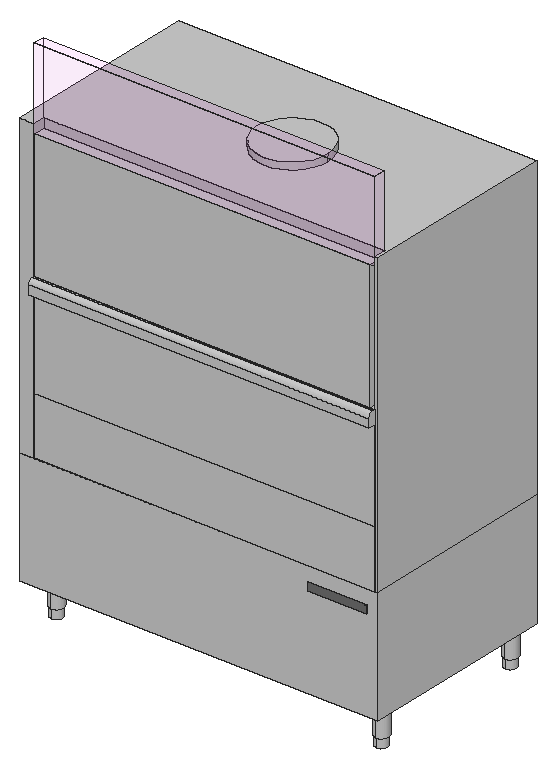
Revit family "PG136", category Equipement spécialisé, Revit 2023
Family settings
  Cote de connecteur circulaire = Utiliser le diamètre
  Type d'élément = Normal
  Numéro OmniClass = 23.40.40.14
  Titre OmniClass = Food Service Equipment
  Basée sur le plan de construction = Non
  Autoriser la découpe dans les vues = Non
  Toujours verticalement = Oui
  Couper avec des vides une fois chargée = Non
  Conserver l'orientation des annotations = Non
  Partagée = Non
  Repère de localisation dans la pièce = Non
Parameters (values of type "6G3170")
  URL catalogo = "https://comenda.eu/wp-content/uploads/2024/02/Scheda-tecnica_G-EVO-1005-R_15.02.2024_ITA.pdf"
  URL = "www.comenda.eu"
  Tensione = 400 V
  Temperatura raccomandata per acqua calda = 50 °C
  Show Logo [instance] = yes
  Show Clearance [instance] = yes
  Protezione contro le sovracorrenti = 32 A
  Elévation par défaut = 0 mm
  Profondità = 870 mm
  Pressione minima acqua calda = 2000.0 Pa
  Potenza elettrica = 15000 W
  Peso netto = 270.00 kg
  Numero dei poli = 3
  Modèle = "G-EVO 1005 R RCD"
  Fabricant = "COMENDA"
  Lunghezza = 1510 mm
  Frequenza = 50 Hz
  Fase = 3
  Diametro raccordo acqua calda = 3/4"
  Diametro dello scarico diretto di acqua = 1 3/8"
  Description = "THREE-PHASE FRONT LOADING POTWASHER  WITH RCD"
  Corrente di funzionamento normale = 23 A
  Assembly Code = ""
  Altezza dello scarico diretto acqua da pavimento finito = 145 mm
  Altezza da terra raccordo acqua calda = 175 mm
  Altezza allacciamento elettrico da pavimento finito = 135 mm
  Altezza = 1915 mm
Types (4, lengths in mm): name | URL catalogo | Profondità | Modèle | Lunghezza | Description | Altezza allacciamento elettrico da pavimento finito | Altezza
  6G3190 | "https://comenda.eu/wp-content/uploads/2024/02/Scheda-tecnica_G-EVO-1155-R_15.02.2024_ITA.pdf" | 900 | "G-EVO 1155 R RCD" | 1530 | "THREE-PHASE FRONT LOADING POTWASHER WITH RCD" | 135 | 1870
  6G3170 | "https://comenda.eu/wp-content/uploads/2024/02/Scheda-tecnica_G-EVO-1005-R_15.02.2024_ITA.pdf" | 870 | "G-EVO 1005 R RCD" | 1510 | "THREE-PHASE FRONT LOADING POTWASHER  WITH RCD" | 135 | 1915
  6G3277 | "/comenda.eu/wp-content/uploads/2024/02/Scheda-tecnica_G-EVO-1005-R_15.02.2024_ITA.pdf" | 900 | "G-EVO 1005 H RCD" | 1530 | "THREE-PHASE FRONT LOADING POTWASHER WITH RCD" | 135 | 2020
  G-EVO 1155 H | "https://comenda.eu/wp-content/uploads/2024/02/Scheda-tecnica_G-EVO-1155-R_15.02.2024_ITA.pdf" | 900 | "G-EVO 1155 H R RCD" | 1530 | "THREE-PHASE FRONT LOADING POTWASHER WITH RCD" | 134 | 2020
Reference planes
  plane 1 "Back": y = 0
  plane 2: z = 0
  plane 3 "Left": x = -30
  plane 4 "Right": x = 1480
  plane 5 "Front": y = -870
  plane 6 "Top": z = 1915
Forms (mm)
  Revolve 1, solid
    sketch origin (60, 0, 0) x (0, 1, 0) y (0, 0, 1)
      loop
        line (-50, 135) -> (-80, 135) -> (-80, 0) -> (-55, 0) -> (-55, 40) -> (-50, 40) -> (-50, 135)
      axis (-80, 0) -> (-80, 135)
    angle from 0 to 360
  Revolve 2, solid
    sketch origin (60, -710, 0) x (0, 1, 0) y (0, 0, 1)
      loop
        line (-20, 135) -> (-50, 135) -> (-50, 0) -> (-25, 0) -> (-25, 40) -> (-20, 40) -> (-20, 135)
      axis (-50, 0) -> (-50, 135)
    angle from 0 to 360
  Revolve 3, solid
    sketch origin (1440, -8.5, 0) x (0, 1, 0) y (0, 0, 1)
      loop
        line (-50, 135) -> (-80, 135) -> (-80, 0) -> (-55, 0) -> (-55, 40) -> (-50, 40) -> (-50, 135)
      axis (-80, 0) -> (-80, 135)
    angle from 0 to 360
  Revolve 4, solid
    sketch origin (1440, -718.5, 0) x (0, 1, 0) y (0, 0, 1)
      loop
        line (-20, 135) -> (-50, 135) -> (-50, 0) -> (-25, 0) -> (-25, 40) -> (-20, 40) -> (-20, 135)
      axis (-50, 0) -> (-50, 135)
    angle from 0 to 360
  Extrusion 5, solid
    sketch origin (0, 0, 721.5) x (1, 0, 0) y (0, 1, 0)
      loop
        line (-30, 0) -> (-30, -840) -> (30, -840) -> (30, -790) -> (1470, -790) -> (1470, -840) -> (1480, -840) -> (1480, 0) -> (-30, 0)
    from -101 to 1165
  Extrusion 6, solid
    sketch origin (0, 0, 0) x (1, 0, 0) y (0, 1, 0)
      loop
        line (-30, 0) -> (-30, -840) -> (1480, -840) -> (1480, 0) -> (-30, 0)
    from 135 to 620
  Extrusion 7, solid
    sketch origin (647, 0, 1895) x (1, 0, 0) y (0, 1, 0)
      loop
        circle (150, -435) r 150
    from -8.5 to 20
  Extrusion 8, solid
    sketch origin (289.25, 0, 0) x (0, 1, 0) y (0, 0, 1)
      loop
        line (-870, 1253) -> (-840, 1253) -> (-840, 1308) -> (-850, 1308)
        arc (-850, 1308) -> (-864.142, 1302.142) -> (-870, 1288) r 20
        line (-870, 1288) -> (-870, 1253)
    from -257.75 to 1179.25
  Extrusion 9, solid
    sketch origin (0, 0, 620.5) x (0, 1, 0) y (1, 0, 0)
      loop
        line (-840, 31.5) -> (-790, 31.5) -> (-790, 1468.5) -> (-840, 1468.5) -> (-840, 31.5)
    from 0 to -244
  Extrusion 10, solid
    sketch origin (0, 0, 911) x (1, 0, 0) y (0, 1, 0)
      loop
        line (31.5, -840) -> (1468.5, -840) -> (1468.5, -790) -> (31.5, -790) -> (31.5, -840)
    from -46 to 397
  Extrusion 11, solid
    sketch origin (0, 0, 1319) x (1, 0, 0) y (0, 1, 0)
      loop
        line (31.5, -840) -> (1448.5, -840) -> (1448.5, -790) -> (31.5, -790) -> (31.5, -840)
    from -11 to 529
  Extrusion 12, solid, visible <- "Show Clearance", detail levels coarse
    sketch origin (30, 0, -46) x (0, 1, 0) y (0, 0, 1)
      loop
        line (-840, 911) -> (-840, 1281)
        arc (-840, 1281) -> (-1101.63, 1172.63) -> (-1210, 911) r 370
        line (-1210, 911) -> (-840, 911)
    from 0 to 1438.5
  Extrusion 13, solid
    sketch origin (1470, -870, 710) x (0, 1, 0) y (0, 0, -1)
      loop
        line (30, -1138) -> (30, -1480) -> (80, -1480) -> (80, -1138) -> (30, -1138)
    from 0 to 1440
  Extrusion 14, void
    sketch origin (0, 0, 135) x (1, 0, 0) y (0, 1, 0)
      loop
        circle (130.011, -624.993) r 9.55
    from 0 to 40
  Extrusion 15, void
    sketch origin (0, 0, 135) x (1, 0, 0) y (0, 1, 0)
      loop
        circle (730, -580) r 17.5
    from 0 to 10
  Extrusion 16, solid
    sketch origin (0, 0, 135) x (0, 1, 0) y (1, 0, 0)
      loop
        circle (-818, 1395) r 4.875
    from 0 to 1
  Extrusion 17, solid
    sketch origin (646.579, -870, -43.487) x (-1, 0, 0) y (0, 0, 1)
      loop
        line (-789.783, 603.036) -> (-789.783, 568.036) -> (-539.783, 568.036) -> (-539.783, 603.036) -> (-789.783, 603.036)
    from 28.417 to 30
Cuts and joins
  Extrusion 14, Extrusion 15 cuts Extrusion 5
  Extrusion 14, Extrusion 15 cuts Extrusion 6
  joined: Extrusion 5, Extrusion 6
Lines and regions (mm)
  symbolic lines, style "200-EquipBorder-2D"
    curve 1: line (-30, 0, 0) -> (1480, 0, 0)
    curve 2: line (-30, -840, 0) -> (-30, 0, 0)
    curve 3: line (1480, -840, 0) -> (-30, -840, 0)
    curve 4: line (1480, 0, 0) -> (1480, -840, 0)
    curve 11: line (31.5, -840, 0) -> (31.5, -870, 0)
    curve 12: line (31.5, -870, 0) -> (1448.5, -870, 0)
    curve 13: line (1448.5, -870, 0) -> (1448.5, -840, 0)
  symbolic lines, style "QF_Door-Drawer Clearances", visible <- "Show Clearance"
    curve 5: line (30, -840, 0) -> (30, -1247, 0)
    curve 6: line (1448.5, -1247, 0) -> (1448.5, -840, 0)
    curve 7: line (30, -1247, 0) -> (1448.5, -1247, 0)
  symbolic lines, style "200-EquipInternal-2D"
    curve 8: circle (797, -435, 0) r 150 normal (0, 0, 1)
    curve 9: line (30, -840, 0) -> (30, -790, 0)
    curve 10: line (30, -790, 0) -> (1450, -790, 0)
    curve 14: line (1450, -790, 0) -> (1450, -840, 0)
  symbolic lines, style "200-InsPoint-3D"
    curve 15: circle (-30, 0, 0) r 0.2 normal (0, 0, 1)
    curve 16: circle (1480, 0, 0) r 0.2 normal (0, 0, 1)
    curve 17: circle (-30, -840, 0) r 0.2 normal (0, 0, 1)
    curve 18: circle (1480, -840, 0) r 0.2 normal (0, 0, 1)
Dimensions and locks
  "Lunghezza": plane 3 "Left" to plane 4 "Right"
  "Profondità": plane 5 "Front" to plane 1 "Back"
  "Altezza": plane 6 "Top" to level
  Extrusion 7 to cut or joined group of Extrusion 5, Extrusion 6, Extrusion 14, Extrusion 15 = 28.5 mm
  cut or joined group of Extrusion 5, Extrusion 6, Extrusion 14, Extrusion 15 to Extrusion 11 = 38.5 mm
  locked: Extrusion 13 sketch curve to Extrusion 7 at 275
  plane 4 "Right" to plane 3 "Left" = 1510 mm
  plane 6 "Top" to level = 1915 mm
  locked: plane 6 "Top" to cut or joined group of Extrusion 5, Extrusion 6, Extrusion 14, Extrusion 15 at 28.5
  locked: plane 6 "Top" to Extrusion 11 at 67
  locked: cut or joined group of Extrusion 5, Extrusion 6, Extrusion 14, Extrusion 15 to level at 135
  locked: cut or joined group of Extrusion 5, Extrusion 6, Extrusion 14, Extrusion 15 to level at 620
  locked: Extrusion 10 to level at 865
  locked: plane 6 "Top" to Extrusion 10 at 607
  aligned and locked: level to plane 2
  aligned and locked: plane 6 "Top" to Extrusion 7
  aligned and locked: Extrusion 8 sketch curve to Extrusion 10
  aligned and locked: Extrusion 13 sketch curve to Extrusion 11  (x2)
  aligned and locked: cut or joined group of Extrusion 5, Extrusion 6, Extrusion 14, Extrusion 15 to Extrusion 13 sketch curve
  aligned and locked: Extrusion 13 to cut or joined group of Extrusion 5, Extrusion 6, Extrusion 14, Extrusion 15
  aligned and locked: Extrusion 7 to cut or joined group of Extrusion 5, Extrusion 6, Extrusion 14, Extrusion 15
  aligned and locked: Extrusion 9 sketch curve to Extrusion 10
  aligned and locked: Extrusion 8 to Extrusion 10
  aligned and locked: Extrusion 10 to Extrusion 8
  aligned and locked: Extrusion 10 to Extrusion 11
Automatic sketch dimensions
  Revolve 1 sketch curve to level = 0 mm
  plane 1 "Back" to Revolve 1 sketch curve = 80 mm
  Revolve 1 sketch curve to Revolve 1 sketch curve = 25 mm
  Revolve 1 sketch curve to Revolve 1 sketch curve = 5 mm
  level to Revolve 1 sketch curve = 40 mm
  Revolve 1 sketch curve to Revolve 1 sketch curve = 95 mm
  Revolve 1 sketch curve to Revolve 1 sketch curve = 0 mm
  Revolve 1 sketch curve to Revolve 1 sketch curve = 35 mm
  Revolve 1 sketch curve to Revolve 1 sketch curve = 15 mm
  Revolve 2 sketch curve to level = 0 mm
  plane 5 "Front" to Revolve 2 sketch curve = 110 mm
  Revolve 2 sketch curve to Revolve 2 sketch curve = 25 mm
  Revolve 2 sketch curve to Revolve 2 sketch curve = 5 mm
  level to Revolve 2 sketch curve = 40 mm
  Revolve 2 sketch curve to Revolve 2 sketch curve = 95 mm
  Revolve 2 sketch curve to Revolve 2 sketch curve = 0 mm
  Revolve 2 sketch curve to Revolve 2 sketch curve = 35 mm
  Revolve 2 sketch curve to Revolve 2 sketch curve = 15 mm
  Revolve 3 sketch curve to level = 0 mm
  plane 1 "Back" to Revolve 3 sketch curve = 88.5 mm
  Revolve 3 sketch curve to Revolve 3 sketch curve = 25 mm
  Revolve 3 sketch curve to Revolve 3 sketch curve = 5 mm
  level to Revolve 3 sketch curve = 40 mm
  Revolve 3 sketch curve to Revolve 3 sketch curve = 95 mm
  Revolve 3 sketch curve to Revolve 3 sketch curve = 0 mm
  Revolve 3 sketch curve to Revolve 3 sketch curve = 35 mm
  Revolve 3 sketch curve to Revolve 3 sketch curve = 15 mm
  Revolve 4 sketch curve to level = 0 mm
  plane 5 "Front" to Revolve 4 sketch curve = 101.5 mm
  Revolve 4 sketch curve to Revolve 4 sketch curve = 25 mm
  Revolve 4 sketch curve to Revolve 4 sketch curve = 5 mm
  level to Revolve 4 sketch curve = 40 mm
  Revolve 4 sketch curve to Revolve 4 sketch curve = 95 mm
  Revolve 4 sketch curve to Revolve 4 sketch curve = 0 mm
  Revolve 4 sketch curve to Revolve 4 sketch curve = 35 mm
  Revolve 4 sketch curve to Revolve 4 sketch curve = 15 mm
  plane 1 "Back" to Extrusion 5 sketch curve = 0 mm
  Extrusion 5 sketch curve to plane 3 "Left" = 0 mm
  Extrusion 5 sketch curve to plane 4 "Right" = 0 mm
  plane 3 "Left" to Extrusion 5 sketch curve = 60 mm
  plane 4 "Right" to Extrusion 5 sketch curve = 10 mm
  plane 5 "Front" to Extrusion 5 sketch curve = 80 mm
  plane 5 "Front" to Extrusion 5 sketch curve = 30 mm  (x2)
  Extrusion 6 sketch curve to plane 3 "Left" = 0 mm
  Extrusion 6 sketch curve to plane 4 "Right" = 0 mm
  plane 1 "Back" to Extrusion 6 sketch curve = 0 mm
  plane 5 "Front" to Extrusion 6 sketch curve = 30 mm
  plane 4 "Right" to Extrusion 7 sketch curve = 683 mm
  plane 1 "Back" to Extrusion 7 sketch curve = 435 mm
  Extrusion 8 sketch curve to plane 5 "Front" = 0 mm
  Extrusion 8 sketch curve to Extrusion 8 sketch curve = 20 mm
  Extrusion 8 sketch curve to Extrusion 8 sketch curve = 30 mm
  Extrusion 8 sketch curve to Extrusion 8 sketch curve = 35 mm
  Extrusion 9 sketch curve to Extrusion 5 = 0 mm  (x2)
  Extrusion 9 sketch curve to Extrusion 5 = 1.5 mm
  plane 3 "Left" to Extrusion 10 sketch curve = 61.5 mm
  plane 4 "Right" to Extrusion 10 sketch curve = 11.5 mm
  plane 5 "Front" to Extrusion 10 sketch curve = 30 mm
  Extrusion 10 sketch curve to Extrusion 10 sketch curve = 50 mm
  plane 3 "Left" to Extrusion 11 sketch curve = 61.5 mm
  plane 4 "Right" to Extrusion 11 sketch curve = 31.5 mm
  plane 5 "Front" to Extrusion 11 sketch curve = 30 mm
  Extrusion 11 sketch curve to Extrusion 11 sketch curve = 50 mm
  Extrusion 12 sketch curve to plane 5 "Front" = 340 mm
  plane 5 "Front" to Extrusion 12 sketch curve = 30 mm
  level to Extrusion 12 sketch curve = 865 mm
  Extrusion 6 to Extrusion 14 sketch curve = 160.011 mm
  Extrusion 6 to Extrusion 14 sketch curve = 215.007 mm
  Extrusion 6 to Extrusion 15 sketch curve = 260 mm
  Extrusion 6 to Extrusion 15 sketch curve = 750 mm
  Extrusion 6 to Extrusion 16 sketch curve = 22 mm
  Extrusion 6 to Extrusion 16 sketch curve = 85 mm
  curve 17 to plane 3 "Left" = 0 mm
  curve 2 to plane 3 "Left" = 0 mm
  plane 1 "Back" to curve 15 = 0 mm
  curve 15 to plane 3 "Left" = 0 mm
  curve 12 to plane 5 "Front" = 0 mm
  plane 1 "Back" to curve 4 = 0 mm
  curve 4 to plane 4 "Right" = 0 mm
  plane 1 "Back" to curve 16 = 0 mm
  curve 16 to plane 4 "Right" = 0 mm
  curve 18 to plane 4 "Right" = 0 mm
  plane 3 "Left" to curve 10 = 60 mm
  plane 3 "Left" to curve 5 = 60 mm
  curve 5 to curve 12 = 1.5 mm
  plane 4 "Right" to curve 8 = 683 mm
  plane 4 "Right" to curve 13 = 31.5 mm
  plane 4 "Right" to curve 7 = 31.5 mm
  plane 4 "Right" to curve 10 = 30 mm
  curve 5 to plane 5 "Front" = 377 mm
  plane 5 "Front" to curve 4 = 30 mm
  curve 18 to curve 3 = 0 mm
  curve 17 to curve 2 = 0 mm
  curve 14 to curve 10 = 50 mm
  plane 1 "Back" to curve 8 = 435 mm
  plane 4 "Right" to Extrusion 17 sketch curve = 43.638 mm
  Extrusion 17 sketch curve to Extrusion 17 sketch curve = 250 mm
  level to Extrusion 17 sketch curve = 524.548 mm
  Extrusion 17 sketch curve to Extrusion 17 sketch curve = 35 mm
  radius of Extrusion 7 sketch curve = 150 mm
  radius of Extrusion 14 sketch curve = 9.55 mm
  radius of Extrusion 15 sketch curve = 17.5 mm
  radius of Extrusion 16 sketch curve = 4.875 mm
  radius of curve 8 = 150 mm
  radius of curve 15 = 0.2 mm
  radius of curve 16 = 0.2 mm
  radius of curve 17 = 0.2 mm
  radius of curve 18 = 0.2 mm
Connectors
  electrical at (1395, -818, 135), driven by "Numero dei poli", driven by "Tensione", driven by "Potenza elettrica"
    settings: on Extrusion 16, index 1, voltage 400 V, apparent load 15000 VA, apparent load phase1 0 VA, apparent load phase2 0 VA, apparent load phase3 0 VA, power factor 1, load classification "Altro", number of poles 3, system type 30, power factor state 1, is connector primary yes, connector utility no, sub classification motor no, connector description "QF_ELECTRICAL_CONNECTION"
  piping at (730, -580, 145), diameter 34.925, driven by "Diametro dello scarico diretto di acqua"
    settings: on cut or joined group of Extrusion 5, Extrusion 6, Extrusion 14, Extrusion 15, index 2, connector inside diameter 24", connector length 0 mm, flow factor 0, pipe flow 0.0 L/s, pressure drop 0.0 Pa, fitting loss kfactor 0, connector angle 0.00°, fixture units 0, engagement length 0 mm, angle of deflection 0.00°, flow configuration 0, flow direction 2, fitting loss method 0, system type 16, joint type 0, gender type 0, connector reference index -1, connector utility 0, adjustable connector no, is connector primary yes, connector description "QF_DRAIN_CONNECTION"
  piping at (130.011, -624.993, 175), diameter 19.05, driven by "Diametro raccordo acqua calda"
    settings: on cut or joined group of Extrusion 5, Extrusion 6, Extrusion 14, Extrusion 15, index 3, connector inside diameter 24", connector length 0 mm, flow factor 0, pipe flow 0.0 L/s, pressure drop 0.0 Pa, fitting loss kfactor 0, connector angle 0.00°, fixture units 0, engagement length 0 mm, angle of deflection 0.00°, flow configuration 0, flow direction 1, fitting loss method 0, system type 19, joint type 0, gender type 0, connector reference index -1, connector utility 0, adjustable connector no, is connector primary no, connector description "QF_WATER_CONNECTION"
  hvac at (797, -435, 1915)
    settings: on Extrusion 7, index 4, duct flow 0.0 L/s, flow factor 0, pres drop 0.0 Pa, loss coef 0, conn angle 0.00°, conn width 304.8 mm, conn height 304.8 mm, conn diameter 300 mm, duct sys type 3, conn prof type 0, flow config 0, flow direction 2, loss method 0, conn ref index -1, conn util no, is conn primary yes, conn desc "QF_EXHAUST_AIR_CONNECTION"
